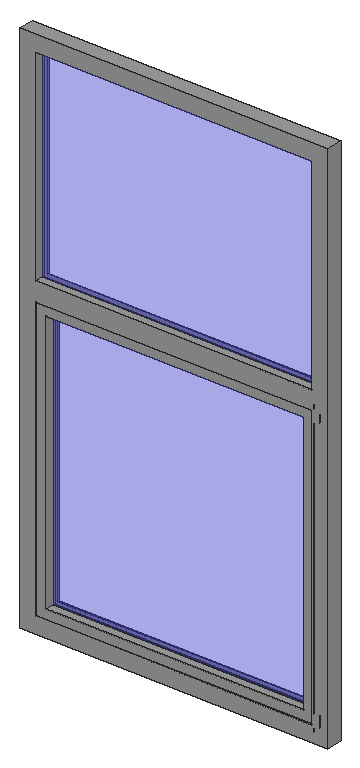
Revit family "12PL OP007_v02", category Windows, host Wall, Revit 2015
Parameters
  Wall Thickness [instance] = 0' - 6"
  URL = "obe.com"
  Transom Height = 3' - 0"
  Rough Width = Width + 0' 0 1/2"  # 4' - 0 1/2"
  Rough Height = Height + 0' 0 1/2"  # 7' - 0 1/2"
  Offset Limitation [instance] = if((Offset + 0' 2 1/2") > Wall Thickness, (Wall Thickness - 0' 2 1/2"), Offset)  # 0' - 0"
  Offset [instance] = 0' - 0"
  Model = "12PL OP007"
  Manufacturer = "Oldcastle Building Envelope®"
  Keynote = "08 51 00"
  Height = Operable Height + Transom Height  # 7' - 0"
  Operable Height = 4' - 0"
  Glass Material = Glass
  Frame Material = Aluminum
  Description = "SIGNATURE SERIES 12PL"
  Default Sill Height = 3' - 0"
  Wall Closure = By host
  Width = 4' - 0"
  Construction Type = ""
  Assembly Code = "B2020"
Reference planes (in)
  plane 1 "Center (Front/Back)": y = 0
  plane 2: z = 0
  plane 3 "Center (Left/Right)": x = 0
  plane 4 "Left": x = -24.25
  plane 5 "Right": x = 24.25
  plane 6 "Sill": z = 36
  plane 7 "Top": z = 120.5
  plane 8 "Offset": y = 3
  plane 9: x = 24
  plane 10: z = 120.25
  plane 11: x = -24
  plane 12: z = 36.25
  plane 13 "Center": z = 84.25
  plane 14: z = 85.18725
  plane 15: z = 118.5
  plane 16: z = 81.81175
  plane 17: z = 39.5005
  plane 18 "EXT": y = 2.96875
Forms (in)
  Sweep 1, solid, material "Aluminum" <- "Frame Material"
    path origin (0, 3, 0) x (1, 0, 0) y (0, 0, 1)
      loop
        line (-24, 84.25) -> (-24, 36)
    profile origin (-24, 3, 60.125) x (0, -1, 0) y (1, 0, 0)
      loop
        line (0, 1.375) -> (0, -0.25) -> (2.5, -0.25) -> (2.5, 2.25) -> (2.40625, 2.25) -> (2.40625, 1.375) -> (0, 1.375)
  Sweep 2, solid, material "Aluminum" <- "Frame Material"
    path origin (0, 3, 0) x (-1, 0, 0) y (0, 0, 1)
      loop
        line (-24, 83.93725) -> (-24, 37.375)
    profile origin (24, 3, 60.65613) x (0, -1, 0) y (1, 0, 0)
      loop
        line (0.03125, -3.2505) -> (1.03125, -3.2505) -> (1.03125, -3.751) -> (2.3125, -3.751) -> (2.3125, -2.063) -> (-0.15625, -2.063) -> (-0.15625, -1.125) -> (-0.25, -1.125) -> (-0.25, -3.7505) -> (0.03125, -3.7505) -> (0.03125, -3.2505)
  Sweep 3, solid, material "Aluminum" <- "Frame Material"
    path origin (0, 3, 0) x (1, 0, 0) y (0, 0, 1)
      loop
        line (-24.25, 36.25) -> (24.25, 36.25)
    profile origin (0, 3, 36.25) x (0, 0, 1) y (0, -1, 0)
      loop
        line (1.375, 0) -> (1.375, 2.40625) -> (2.25, 2.40625) -> (2.25, 2.5) -> (-0.25, 2.5) -> (-0.25, 0) -> (1.375, 0)
  Sweep 4, solid, material "Aluminum" <- "Frame Material"
    path origin (0, 3, 0) x (1, 0, 0) y (0, 0, 1)
      loop
        line (-24.25, 84.25) -> (24.25, 84.25)
    profile origin (0, 3, 84.25) x (0, 0, 1) y (0, -1, 0)
      loop
        line (-1.43775, 2.40625) -> (-0.56275, 2.40625) -> (-0.56275, 0) -> (1.43725, 0) -> (1.43725, 0.21875) -> (0.93725, 0.21875) -> (0.93725, 1.21875) -> (1.43775, 1.21875) -> (1.43775, 2.5) -> (-1.43775, 2.5) -> (-1.43775, 2.40625)
  Sweep 5, solid, material "Aluminum" <- "Frame Material"
    path origin (0, 3, 0) x (1, 0, 0) y (0, 0, 1)
      loop
        line (-24, 120.5) -> (-24, 84.25)
    profile origin (-24, 3, 102.375) x (0, -1, 0) y (1, 0, 0)
      loop
        line (2.49911, 2.25) -> (1.21875, 2.25) -> (1.21875, 1.75) -> (0.21875, 1.75) -> (0.21875, 2.25) -> (0, 2.25) -> (0, -0.25) -> (2.49911, -0.25) -> (2.49911, 2.25)
  Sweep 6, solid, material "Aluminum" <- "Frame Material"
    path origin (0, 3, 0) x (-1, 0, 0) y (0, 0, 1)
      loop
        line (-24, 120.5) -> (-24, 84.25)
    profile origin (24, 3, 102.375) x (0, -1, 0) y (1, 0, 0)
      loop
        line (2.49911, -2.25) -> (2.49911, 0.25) -> (0, 0.25) -> (0, -2.25) -> (0.21875, -2.25) -> (0.21875, -1.75) -> (1.21875, -1.75) -> (1.21875, -2.25) -> (2.49911, -2.25)
  Sweep 7, solid, material "Aluminum" <- "Frame Material"
    path origin (0, 3, 0) x (1, 0, 0) y (0, 0, 1)
      loop
        line (-24.25, 120.25) -> (24.25, 120.25)
    profile origin (0, 3, 120.25) x (0, 0, 1) y (0, -1, 0)
      loop
        line (0.25, 2.5) -> (-2.25, 2.5) -> (-2.25, 1.21875) -> (-1.75, 1.21875) -> (-1.75, 0.21875) -> (-2.25, 0.21875) -> (-2.25, 0) -> (0.25, 0) -> (0.25, 2.5)
  Extrusion 8, solid, material "Glass" <- "Glass Material", detail levels coarse
    sketch origin (0, 0, 36) x (0, -1, 0) y (1, 0, 0)
      loop
        line (-2.96875, -20.7495) -> (-1.96875, -20.7495) -> (-1.96875, 20.7495) -> (-2.96875, 20.7495) -> (-2.96875, -20.7495)
    from 3.5005 to 45.81175
  Extrusion 9, solid, material "Glass" <- "Glass Material", detail levels coarse
    sketch origin (0, 0, 76.25) x (0, -1, 0) y (1, 0, 0)
      loop
        line (-2.78125, -22.25) -> (-1.78125, -22.25) -> (-1.78125, 22.25) -> (-2.78125, 22.25) -> (-2.78125, -22.25)
    from 8.93725 to 42.25
  Extrusion 10, solid, material "Glass" <- "Glass Material", detail levels medium+fine
    sketch origin (0, 0, 36) x (0, -1, 0) y (1, 0, 0)
      loop
        line (-2.96875, -20.7495) -> (-2.73145, -20.7495) -> (-2.73145, 20.7495) -> (-2.96875, 20.7495) -> (-2.96875, -20.7495)
      loop
        line (-2.21875, 20.7495) -> (-2.21875, -20.7495) -> (-1.96875, -20.7495) -> (-1.96875, 20.7495) -> (-2.21875, 20.7495)
    from 3.5005 to 45.81175
  Extrusion 11, solid, material "Glass" <- "Glass Material", detail levels medium+fine
    sketch origin (0, 0, 0) x (1, 0, 0) y (0, 1, 0)
      loop
        line (-22.25, 2.78125) -> (-22.25, 2.53125) -> (22.25, 2.53125) -> (22.25, 2.78125) -> (-22.25, 2.78125)
      loop
        line (22.25, 2.01855) -> (-22.25, 2.01855) -> (-22.25, 1.78125) -> (22.25, 1.78125) -> (22.25, 2.01855)
    from 85.18725 to 118.5
  Sweep 12, solid, material "Aluminum" <- "Frame Material"
    path origin (0, 3, 0) x (1, 0, 0) y (0, 0, 1)
      loop
        line (24, 84.25) -> (24, 36.25)
    profile origin (24, 3, 60.25) x (0, -1, 0) y (1, 0, 0)
      loop
        line (0, 0.25) -> (0, -1.375) -> (2.40625, -1.375) -> (2.40625, -2.25) -> (2.5, -2.25) -> (2.5, 0.25) -> (0, 0.25)
  Sweep 13, solid, material "Aluminum" <- "Frame Material"
    path origin (0, 3, 0) x (1, 0, 0) y (0, 0, 1)
      loop
        line (-24, 37.375) -> (-24, 83.93725)
    profile origin (-24, 3, 60.65613) x (-1, 0, 0) y (0, -1, 0)
      loop
        line (-1.125, -0.25) -> (-1.125, -0.15625) -> (-2.063, -0.15625) -> (-2.063, 2.3125) -> (-3.751, 2.3125) -> (-3.751, 1.03125) -> (-3.2505, 1.03125) -> (-3.2505, 0.03125) -> (-3.7505, 0.03125) -> (-3.7505, -0.25) -> (-1.125, -0.25)
  Sweep 14, solid, material "Aluminum" <- "Frame Material"
    path origin (0, 3, 0) x (1, 0, 0) y (0, 0, 1)
      loop
        line (22.875, 84.25) -> (-22.875, 84.25)
    profile origin (0, 3, 84.25) x (0, 0, -1) y (0, -1, 0)
      loop
        line (1.25075, -0.15625) -> (0.31275, -0.15625) -> (0.31275, -0.25) -> (2.93825, -0.25) -> (2.93825, 0.03125) -> (2.43825, 0.03125) -> (2.43825, 1.03125) -> (2.93875, 1.03125) -> (2.93875, 2.3125) -> (1.25075, 2.3125) -> (1.25075, -0.15625)
  Sweep 15, solid, material "Aluminum" <- "Frame Material"
    path origin (0, 3, 0) x (1, 0, 0) y (0, 0, 1)
      loop
        line (22.875, 36.25) -> (-22.875, 36.25)
    profile origin (0, 3, 36.25) x (0, 0, -1) y (0, -1, 0)
      loop
        line (-3.7505, 0.03125) -> (-3.7505, -0.25) -> (-1.125, -0.25) -> (-1.125, -0.15625) -> (-2.063, -0.15625) -> (-2.063, 2.3125) -> (-3.751, 2.3125) -> (-3.751, 1.03125) -> (-3.2505, 1.03125) -> (-3.2505, 0.03125) -> (-3.7505, 0.03125)
Cuts and joins
  joined: Sweep 1, Sweep 3, Sweep 4, Sweep 5, Sweep 6, Sweep 7, Sweep 12
  joined: Sweep 2, Sweep 13, Sweep 14, Sweep 15
Lines and regions (in)
  Opening 1
    outline origin (-60, -3, 0) x (1, 0, 0) y (0, 0, 1)
      loop
        line (35.75, 120.5) -> (35.75, 36) -> (84.25, 36) -> (84.25, 120.5) -> (35.75, 120.5)
  model lines, style "Opening Direction"
    curve 1: line (20.2495, 2.96875, 40.0005) -> (0, 2.96875, 81.31125)
    curve 2: line (0, 2.96875, 81.31125) -> (-20.249, 2.96875, 40.001)
Text (in)
  text "EXTERIOR" at (-58.6888, 50.90694, 0), in view "Ref. Level"
  text "INTERIOR" at (-58.6888, -37.76638, 0), in view "Ref. Level"
  text "Exterior" at (0, 43.65631, 123.19604), in view "Left"
  text "Exterior" at (0, 18.29385, 125.04747), in view "Right"
  text "Min Operable Size\n\n14\" width x 18\" height\n\n\n\nMin Fixed Size\n\n14\" x 18\"\n\n\n\nMax Operable Size\n\n72\" x 72\"\n\n\n\nMax Fixed Size\n\n72\" x 72\"\n\n\n\nMax Operable Area\n\n24 square feet" at (92.63041, 50.90694, 0), in view "Ref. Level"
Dimensions and locks (in)
  equal spacing: plane 4 "Left", plane 3 "Center (Left/Right)", plane 5 "Right"
  "Rough Width": plane 4 "Left" to plane 5 "Right"
  "Default Sill Height": plane 2 to plane 6 "Sill"
  "Offset Limitation": plane 8 "Offset" to host wall
  "Wall Thickness": host wall to host wall
  locked: plane 9 to plane 5 "Right" at 0.25
  locked: plane 6 "Sill" to plane 12 at 0.25
  "Operable Height": plane 12 to plane 13 "Center"
  "Transom Height": plane 13 "Center" to plane 10
  "Rough Height": plane 6 "Sill" to plane 7 "Top"
  "Width": plane 11 to plane 9
  plane 8 "Offset" to Extrusion 8 sketch curve to Extrusion 8 sketch curve = 0' - 0 1/32" locked, 0' - 1" locked
  plane 8 "Offset" to Extrusion 9 sketch curve to Extrusion 9 sketch curve = 0' - 0 7/32" locked, 0' - 1" locked
  plane 16 to plane 13 "Center" to plane 14 = 0' - 2.43825" locked, 0' - 0.93725" locked
  locked: plane 12 to plane 17 at 3.2505
  locked: plane 15 to plane 10 at 1.75
  locked: plane 18 "EXT" to plane 8 "Offset" at 0.03125
  Extrusion 10 sketch curve to Extrusion 10 sketch curve to Extrusion 10 sketch curve to Extrusion 10 sketch curve to plane 8 "Offset" = 0' - 0 1/4" locked, 0' - 0.5127" locked, 0' - 0.2373" locked, 0' - 0 1/32" locked
  Extrusion 11 sketch curve to Extrusion 11 sketch curve to Extrusion 11 sketch curve to Extrusion 11 sketch curve to plane 8 "Offset" = 0' - 0.2373" locked, 0' - 0.5127" locked, 0' - 0 1/4" locked, 0' - 0 7/32" locked
  locked: Sweep 14 sketch curve to plane 9 at 1.125
  locked: plane 11 to Sweep 14 sketch curve at 1.125
  locked: Sweep 15 sketch curve to plane 9 at 1.125
  locked: plane 11 to Sweep 15 sketch curve at 1.125
  locked: plane 12 to Sweep 13 sketch curve at 1.125
  locked: Sweep 13 sketch curve to plane 14 at 1.25
  locked: plane 12 to Sweep 2 sketch curve at 1.125
  locked: Sweep 2 sketch curve to plane 14 at 1.25
  aligned and locked: plane 7 "Top" to Opening 1 sketch curve
  aligned and locked: plane 6 "Sill" to Opening 1 sketch curve  (x2)
  aligned and locked: plane 5 "Right" to Opening 1 sketch curve
  aligned and locked: plane 4 "Left" to Opening 1 sketch curve
  aligned and locked: level to plane 2
  aligned and locked: plane 11 to Sweep 1 sketch curve
  aligned and locked: plane 13 "Center" to Sweep 1 sketch curve
  aligned and locked: plane 6 "Sill" to Sweep 1 sketch curve
  aligned and locked: Sweep 2 sketch curve to plane 9
  aligned and locked: plane 12 to Sweep 3 sketch curve
  aligned and locked: plane 11 to Sweep 5 sketch curve
  aligned and locked: plane 7 "Top" to Sweep 5 sketch curve
  aligned and locked: plane 13 "Center" to Sweep 5 sketch curve
  aligned and locked: Sweep 6 sketch curve to plane 9
  aligned and locked: plane 7 "Top" to Sweep 6 sketch curve
  aligned and locked: plane 13 "Center" to Sweep 6 sketch curve
  aligned and locked: plane 10 to Sweep 7 sketch curve
  aligned and locked: Extrusion 9 to plane 15
  aligned and locked: plane 14 to Extrusion 9
  aligned and locked: Extrusion 8 to plane 16
  aligned and locked: plane 17 to Extrusion 8
  aligned and locked: Sweep 4 sketch curve to plane 13 "Center"
  aligned and locked: plane 4 "Left" to Sweep 4 sketch curve
  aligned and locked: plane 5 "Right" to Sweep 4 sketch curve
  aligned and locked: plane 3 "Center (Left/Right)" to curve 2
  aligned and locked: plane 17 to Extrusion 10
  aligned and locked: Extrusion 10 to plane 16
  aligned and locked: plane 14 to Extrusion 11
  aligned and locked: Extrusion 11 to plane 15
  aligned and locked: Sweep 12 sketch curve to plane 9
  aligned and locked: plane 12 to Sweep 12 sketch curve
  aligned and locked: plane 13 "Center" to Sweep 12 sketch curve
  aligned and locked: plane 11 to Sweep 13 sketch curve
  aligned and locked: plane 13 "Center" to Sweep 14 sketch curve
  aligned and locked: plane 12 to Sweep 15 sketch curve
Automatic sketch dimensions
  Sweep 1 sketch curve to Sweep 1 sketch curve = 0' - 0 3/32"
  profile plane to Sweep 1 sketch curve = 0' - 0 1/4"
  Sweep 2 sketch curve to plane 8 "Offset" = 0' - 0 1/4"
  plane 8 "Offset" to Sweep 2 sketch curve = 0' - 0 1/32"
  Sweep 2 sketch curve to Sweep 2 sketch curve = 0' - 1"
  Sweep 2 sketch curve to Sweep 2 sketch curve = 0' - 1 9/32"
  Sweep 2 sketch curve to Sweep 2 sketch curve = 0' - 0.0005"
  Sweep 2 sketch curve to Sweep 2 sketch curve = 0' - 0.5005"
  profile plane to Sweep 2 sketch curve = 0' - 1 1/8"
  plane 4 "Left" to Sweep 3 sketch curve = 0' - 0"
  plane 5 "Right" to Sweep 3 sketch curve = 0' - 0"
  Sweep 3 sketch curve to plane 8 "Offset" = 0' - 0"
  profile plane to Sweep 3 sketch curve = 0' - 0 1/4"
  Sweep 3 sketch curve to Sweep 3 sketch curve = 0' - 2 1/2"
  Sweep 4 sketch curve to plane 8 "Offset" = 0' - 0"
  profile plane to Sweep 4 sketch curve = 0' - 1.43775"
  profile plane to Sweep 4 sketch curve = 0' - 0.56275"
  Sweep 4 sketch curve to profile plane = 0' - 0.93725"
  plane 8 "Offset" to Sweep 4 sketch curve = 0' - 0 7/32"
  Sweep 4 sketch curve to Sweep 4 sketch curve = 0' - 0 1/2"
  Sweep 4 sketch curve to Sweep 4 sketch curve = 0' - 0.5005"
  Sweep 4 sketch curve to Sweep 4 sketch curve = 0' - 1"
  plane 8 "Offset" to Sweep 5 sketch curve = 0' - 0"
  plane 8 "Offset" to Sweep 5 sketch curve = 0' - 0 7/32"
  Sweep 5 sketch curve to Sweep 5 sketch curve = 0' - 1"
  profile plane to Sweep 5 sketch curve = 0' - 0 1/4"
  Sweep 5 sketch curve to Sweep 5 sketch curve = 0' - 1.28036"
  Sweep 5 sketch curve to profile plane = 0' - 1 3/4"
  Sweep 5 sketch curve to Sweep 5 sketch curve = 0' - 0 1/2"  (x2)
  plane 8 "Offset" to Sweep 6 sketch curve = 0' - 0"
  plane 8 "Offset" to Sweep 6 sketch curve = 0' - 0 7/32"
  Sweep 6 sketch curve to Sweep 6 sketch curve = 0' - 1"
  Sweep 6 sketch curve to profile plane = 0' - 0 1/4"
  Sweep 6 sketch curve to Sweep 6 sketch curve = 0' - 1.28036"
  profile plane to Sweep 6 sketch curve = 0' - 1 3/4"
  Sweep 6 sketch curve to Sweep 6 sketch curve = 0' - 0 1/2"  (x2)
  plane 4 "Left" to Sweep 7 sketch curve = 0' - 0"
  plane 5 "Right" to Sweep 7 sketch curve = 0' - 0"
  Sweep 7 sketch curve to plane 8 "Offset" = 0' - 0"
  profile plane to Sweep 7 sketch curve = 0' - 2 1/4"  (x2)
  Sweep 7 sketch curve to Sweep 7 sketch curve = 0' - 0 1/2"
  Sweep 7 sketch curve to profile plane = 0' - 0 1/4"
  Sweep 7 sketch curve to Sweep 7 sketch curve = 0' - 0 7/32"
  Sweep 7 sketch curve to Sweep 7 sketch curve = 0' - 1"
  Sweep 7 sketch curve to Sweep 7 sketch curve = 0' - 1 9/32"
  Extrusion 8 sketch curve to plane 11 = 0' - 3.2505"
  plane 9 to Extrusion 8 sketch curve = 0' - 3.2505"
  Extrusion 9 sketch curve to plane 11 = 0' - 1 3/4"
  plane 9 to Extrusion 9 sketch curve = 0' - 1 3/4"
  curve 1 to plane 17 = 0' - 0 1/2"
  curve 2 to plane 17 = 0' - 0.5005"
  curve 2 to plane 11 = 0' - 3.751"
  plane 9 to curve 1 = 0' - 3.7505"
  plane 16 to curve 2 = 0' - 0.5005"
  Extrusion 10 sketch curve to plane 11 = 0' - 3.2505"
  Extrusion 10 sketch curve to Extrusion 10 sketch curve = 0' - 0"  (x2)
  plane 9 to Extrusion 10 sketch curve = 0' - 3.2505"
  Extrusion 11 sketch curve to plane 11 = 0' - 1 3/4"
  Extrusion 11 sketch curve to Extrusion 11 sketch curve = 0' - 0"  (x2)
  plane 9 to Extrusion 11 sketch curve = 0' - 1 3/4"
  plane 8 "Offset" to Sweep 1 sketch curve = 0' - 0"
  Sweep 1 sketch curve to profile plane = 0' - 1 3/8"
  Sweep 1 sketch curve to Sweep 1 sketch curve = 0' - 2 13/32"
  Sweep 1 sketch curve to Sweep 1 sketch curve = 0' - 0 7/8"
  Sweep 2 sketch curve to Sweep 2 sketch curve = 0' - 1.688"
  Sweep 2 sketch curve to plane 8 "Offset" = 0' - 0 5/32"
  Sweep 2 sketch curve to Sweep 2 sketch curve = 0' - 0.938"
  Sweep 3 sketch curve to Sweep 3 sketch curve = 0' - 0 3/32"
  Sweep 3 sketch curve to profile plane = 0' - 1 3/8"
  Sweep 3 sketch curve to Sweep 3 sketch curve = 0' - 0 7/8"
  Sweep 4 sketch curve to Sweep 4 sketch curve = 0' - 0 3/32"
  Sweep 4 sketch curve to Sweep 4 sketch curve = 0' - 2 13/32"
  Sweep 12 sketch curve to Sweep 12 sketch curve = 0' - 2 13/32"
  Sweep 12 sketch curve to Sweep 12 sketch curve = 0' - 0 3/32"
  profile plane to Sweep 12 sketch curve = 0' - 1 3/8"
  Sweep 12 sketch curve to Sweep 12 sketch curve = 0' - 0 7/8"
  Sweep 12 sketch curve to profile plane = 0' - 0 1/4"
  plane 8 "Offset" to Sweep 12 sketch curve = 0' - 0"
  Sweep 13 sketch curve to plane 8 "Offset" = 0' - 0 1/4"
  profile plane to Sweep 13 sketch curve = 0' - 1 1/8"
  Sweep 13 sketch curve to Sweep 13 sketch curve = 0' - 2.6255"
  Sweep 13 sketch curve to plane 8 "Offset" = 0' - 0 5/32"
  Sweep 13 sketch curve to Sweep 13 sketch curve = 0' - 0.938"
  plane 8 "Offset" to Sweep 13 sketch curve = 0' - 2 5/16"
  Sweep 13 sketch curve to Sweep 13 sketch curve = 0' - 1.688"
  plane 8 "Offset" to Sweep 13 sketch curve = 0' - 1 1/32"
  Sweep 13 sketch curve to Sweep 13 sketch curve = 0' - 0.5005"
  plane 8 "Offset" to Sweep 13 sketch curve = 0' - 0 1/32"
  Sweep 14 sketch curve to plane 8 "Offset" = 0' - 0 5/32"
  Sweep 14 sketch curve to Sweep 14 sketch curve = 0' - 0.938"
  Sweep 14 sketch curve to profile plane = 0' - 0.31275"
  Sweep 14 sketch curve to plane 8 "Offset" = 0' - 0 1/4"
  Sweep 14 sketch curve to Sweep 14 sketch curve = 0' - 1 11/16"
  plane 8 "Offset" to Sweep 14 sketch curve = 0' - 0 1/32"
  Sweep 14 sketch curve to Sweep 14 sketch curve = 0' - 0 1/2"
  Sweep 14 sketch curve to Sweep 14 sketch curve = 0' - 1"
  Sweep 14 sketch curve to Sweep 14 sketch curve = 0' - 0.0005"
  Sweep 14 sketch curve to Sweep 14 sketch curve = 0' - 1 9/32"
  Sweep 15 sketch curve to plane 8 "Offset" = 0' - 0 1/4"
  profile plane to Sweep 15 sketch curve = 0' - 3.7505"
  profile plane to Sweep 15 sketch curve = 0' - 1 1/8"
  Sweep 15 sketch curve to plane 8 "Offset" = 0' - 0 5/32"
  Sweep 15 sketch curve to Sweep 15 sketch curve = 0' - 0.938"
  plane 8 "Offset" to Sweep 15 sketch curve = 0' - 2 5/16"
  Sweep 15 sketch curve to Sweep 15 sketch curve = 0' - 1.688"
  Sweep 15 sketch curve to Sweep 15 sketch curve = 0' - 1"
  Sweep 15 sketch curve to Sweep 15 sketch curve = 0' - 0.5005"
  plane 8 "Offset" to Sweep 15 sketch curve = 0' - 0 1/32"
